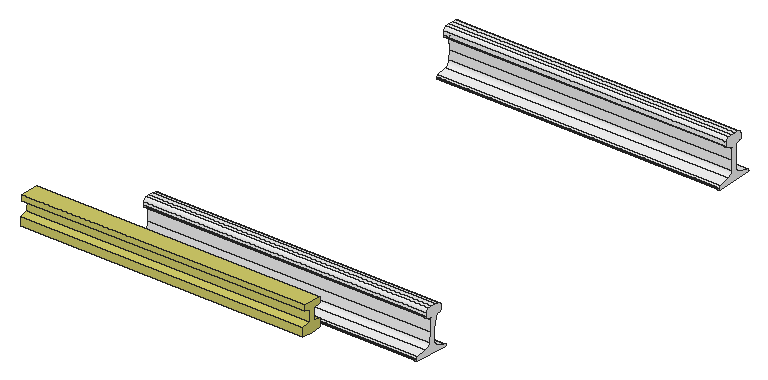
Revit family "P65_ByLine", category Обобщенные модели, Revit 2021
Family settings
  Может служить основой для арматурных стержней = Нет
  Размер круглого соединителя = Использовать диаметр
  Тип детали = Нормальный
  При загрузке вырезать с полостями = Нет
  Общий = Нет
  Точка принадлежности помещению = Нет
Parameters (values of type "RightR")
  built-in parameter 1001306 [instance] = 1200 mm
  Default Elevation = 0 mm
  Right = yes
  Left = no
Types (2, lengths in mm): name | Right | Left
  LeftR | no | yes
  RightR | yes | no
Reference planes
  plane 1 "Center (Front/Back)": y = 0
  plane 2: z = 0
  plane 3 "Left": x = 0
  plane 4 "Right": x = 1200
Lines and regions (mm)
  reference lines
    curve 1: line (0, 0, 0) -> (1200, 0, 0)
Dimensions and locks
  "built-in parameter 1001306": plane 3 "Left" to plane 4 "Right"
  aligned and locked: plane 4 "Right" to curve 1
  aligned and locked: plane 1 "Center (Front/Back)" to curve 1
  aligned and locked: plane 3 "Left" to curve 1
  aligned and locked: level to plane 2
Nested families
  nested 1: "L_Rails_ByLine" at (0, 0, 0), visible <- "Left", Length <- "built-in parameter 1001306", type "L"
    with built-in parameter 1001306 1200 mm, Length 1200 mm
  nested 2: "R_Rails_ByLine" at (0, 0, 0), visible <- "Right", Length <- "built-in parameter 1001306", type "R"
    with built-in parameter 1001306 1200 mm, Length 1200 mm
Definition of nested family "L_Rails_ByLine"
  Parameters (values of type "L")
    Default Elevation = 0 mm
    built-in parameter 1001306 [instance] = Length  # 200 mm
    Length [instance] = 200 mm
  Reference planes
    plane 1 "По центру (Вперед/Назад)": y = 0
    plane 2: z = 0
    plane 3 "Слева": x = 0
    plane 4 "Справа": x = 200
  Forms (mm)
    Sweep 1, solid
      path origin (0, -84.609, 0) x (1, 0, 0) y (0, 1, 0)
        loop
          line (0, 0) -> (200, 0)
      profile origin (100, -84.609, 0) x (0, 1, 0) y (0, 0, 1)
        loop
          arc (-895.274, 203.009) -> (-891.834, 209.185) -> (-885.515, 212.353) r 12
          line (-885.515, 212.353) -> (-872.857, 214.469)
          arc (-872.857, 214.469) -> (-869.914, 216.113) -> (-868.683, 219.251) r 5
          line (-868.683, 219.251) -> (-868.209, 235.062)
          arc (-868.209, 235.062) -> (-871.052, 244.369) -> (-879.008, 249.972) r 15
          arc (-879.008, 249.972) -> (-886.132, 251.68) -> (-893.383, 252.729) r 80
          arc (-893.383, 252.729) -> (-903.343, 253.627) -> (-913.32, 254.326) r 500
          arc (-913.32, 254.326) -> (-920.645, 254.445) -> (-927.951, 253.894) r 80
          arc (-927.951, 253.894) -> (-936.697, 249.628) -> (-940.986, 240.893) r 15
          line (-940.986, 240.893) -> (-943.035, 225.208)
          arc (-943.035, 225.208) -> (-942.32, 221.914) -> (-939.676, 219.823) r 5
          line (-939.676, 219.823) -> (-927.517, 215.718)
          arc (-927.517, 215.718) -> (-921.782, 211.584) -> (-919.369, 204.94) r 12
          arc (-919.369, 204.94) -> (-918.963, 181.037) -> (-920.102, 157.158) r 370
          arc (-920.102, 157.158) -> (-922.075, 138.206) -> (-924.949, 119.37) r 400
          arc (-924.949, 119.37) -> (-931.973, 105.966) -> (-945.444, 99.071) r 25
          line (-945.444, 99.071) -> (-988.507, 91.871)
          arc (-988.507, 91.871) -> (-990.794, 90.631) -> (-991.834, 88.245) r 4
          line (-991.834, 88.245) -> (-992.32, 82.186)
          arc (-992.32, 82.186) -> (-991.849, 80.729) -> (-990.486, 80.033) r 2
          line (-990.486, 80.033) -> (-844.952, 68.372)
          arc (-844.952, 68.372) -> (-843.496, 68.843) -> (-842.799, 70.206) r 2
          line (-842.799, 70.206) -> (-842.313, 76.266)
          arc (-842.313, 76.266) -> (-842.961, 78.786) -> (-845.021, 80.375) r 4
          line (-845.021, 80.375) -> (-886.389, 94.339)
          arc (-886.389, 94.339) -> (-898.589, 103.292) -> (-903.39, 117.643) r 25
          arc (-903.39, 117.643) -> (-903.228, 136.696) -> (-902.159, 155.72) r 400
          arc (-902.159, 155.72) -> (-899.481, 179.476) -> (-895.274, 203.009) r 370
    Sweep 2, solid
      path origin (0, 1492.188, 89.105) x (1, 0, 0) y (0, 1, 0)
        loop
          line (0, 0) -> (200, 0)
      profile origin (100, 1492.188, 89.105) x (0, 1, 0) y (0, 0, 1)
        loop
          arc (-880.636, 116.905) -> (-890.636, 116.822) -> (-900.633, 116.539) r 500
          arc (-900.633, 116.539) -> (-907.935, 115.939) -> (-915.151, 114.673) r 80
          arc (-915.151, 114.673) -> (-923.437, 109.57) -> (-926.848, 100.456) r 15
          line (-926.848, 100.456) -> (-927.348, 84.646)
          arc (-927.348, 84.646) -> (-926.313, 81.438) -> (-923.477, 79.616) r 5
          line (-923.477, 79.616) -> (-910.974, 76.724)
          arc (-910.974, 76.724) -> (-904.861, 73.173) -> (-901.808, 66.797) r 12
          arc (-901.808, 66.797) -> (-899.059, 43.049) -> (-897.85, 19.173) r 370
          arc (-897.85, 19.173) -> (-897.954, 0.12) -> (-898.967, -18.907) r 400
          arc (-898.967, -18.907) -> (-904.642, -32.935) -> (-917.371, -41.119) r 25
          line (-917.371, -41.119) -> (-959.52, -52.509)
          arc (-959.52, -52.509) -> (-961.675, -53.968) -> (-962.476, -56.444) r 4
          line (-962.476, -56.444) -> (-962.365, -62.521)
          arc (-962.365, -62.521) -> (-961.753, -63.925) -> (-960.328, -64.485) r 2
          line (-960.328, -64.485) -> (-814.353, -61.811)
          arc (-814.353, -61.811) -> (-812.949, -61.2) -> (-812.39, -59.775) r 2
          line (-812.39, -59.775) -> (-812.501, -53.697)
          arc (-812.501, -53.697) -> (-813.392, -51.252) -> (-815.599, -49.873) r 4
          line (-815.599, -49.873) -> (-858.137, -40.035)
          arc (-858.137, -40.035) -> (-871.157, -32.322) -> (-877.342, -18.511) r 25
          arc (-877.342, -18.511) -> (-879.05, 0.466) -> (-879.853, 19.503) r 400
          arc (-879.853, 19.503) -> (-879.518, 43.407) -> (-877.64, 67.239) r 370
          arc (-877.64, 67.239) -> (-874.823, 73.723) -> (-868.844, 77.495) r 12
          line (-868.844, 77.495) -> (-856.455, 80.843)
          arc (-856.455, 80.843) -> (-853.688, 82.768) -> (-852.771, 86.011) r 5
          line (-852.771, 86.011) -> (-853.85, 101.793)
          arc (-853.85, 101.793) -> (-857.592, 110.776) -> (-866.059, 115.572) r 15
          arc (-866.059, 115.572) -> (-873.317, 116.572) -> (-880.636, 116.905) r 80
    Sweep 3, solid
      path origin (0, 2334.106, 314.974) x (1, 0, 0) y (0, 1, 0)
        loop
          line (0, 0) -> (200, 0)
      profile origin (100, 2334.106, 314.974) x (0, 1, 0) y (0, 0, 1)
        loop
          line (-1110.151, 151.342) -> (-1110.847, 128.875) -> (-1080.66, 120.336) -> (-1082.068, 75.348) -> (-1117.389, 67.734) -> (-1118.399, 35.031)
          arc (-1118.399, 35.031) -> (-1096.003, 32.779) -> (-1073.527, 31.537) r 500
          arc (-1073.527, 31.537) -> (-1050.979, 31.309) -> (-1028.443, 32.098) r 500
          line (-1028.443, 32.098) -> (-1027.44, 64.806) -> (-1062.085, 74.68) -> (-1060.679, 119.72) -> (-1029.914, 126.228) -> (-1029.193, 148.717) -> (-1069.655, 150.039) -> (-1110.151, 151.342)
  Lines and regions (mm)
    reference lines
      curve 1: line (0, 0, 0) -> (200, 0, 0)
  Dimensions and locks
    "built-in parameter 1001306": plane 3 "Слева" to plane 4 "Справа"
    "Length": Sweep 1 sketch curve to Sweep 1 sketch curve
    "Length": Sweep 2 sketch curve to Sweep 2 sketch curve
    "Length": Sweep 3 sketch curve to Sweep 3 sketch curve
    aligned and locked: plane 4 "Справа" to curve 1
    aligned and locked: plane 1 "По центру (Вперед/Назад)" to curve 1
    aligned and locked: plane 3 "Слева" to curve 1
    aligned and locked: level to plane 2
  Automatic sketch dimensions
    profile plane to Sweep 2 sketch curve = 11.85 mm
    profile plane to Sweep 2 sketch curve = 1297.782 mm
    Sweep 2 sketch curve to Sweep 2 sketch curve = 29.995 mm  (x2)
    Sweep 2 sketch curve to profile plane = 56.444 mm
    Sweep 2 sketch curve to Sweep 2 sketch curve = 305.312 mm
    Sweep 2 sketch curve to profile plane = 62.521 mm
    Sweep 2 sketch curve to Sweep 2 sketch curve = 0.111 mm
    Sweep 2 sketch curve to Sweep 2 sketch curve = 2 mm  (x2)
    Sweep 2 sketch curve to profile plane = 64.485 mm
    Sweep 2 sketch curve to Sweep 2 sketch curve = 0.037 mm  (x2)
    Sweep 2 sketch curve to profile plane = 52.509 mm
    Sweep 2 sketch curve to Sweep 2 sketch curve = 2.956 mm
    Sweep 2 sketch curve to Sweep 2 sketch curve = 3.999 mm  (x2)
    profile plane to Sweep 2 sketch curve = 84.646 mm
    Sweep 2 sketch curve to Sweep 2 sketch curve = 32.172 mm
    profile plane to Sweep 2 sketch curve = 100.456 mm
    Sweep 2 sketch curve to Sweep 2 sketch curve = 0.501 mm
    Sweep 2 sketch curve to profile plane = 16.985 mm
    Sweep 2 sketch curve to Sweep 2 sketch curve = 35.627 mm
    profile plane to Sweep 2 sketch curve = 79.616 mm
    Sweep 2 sketch curve to Sweep 2 sketch curve = 3.871 mm
    Sweep 2 sketch curve to Sweep 2 sketch curve = 4.997 mm
    Sweep 2 sketch curve to profile plane = 41.119 mm
    Sweep 2 sketch curve to Sweep 2 sketch curve = 6.522 mm
    Sweep 2 sketch curve to Sweep 2 sketch curve = 9.8 mm
    Sweep 2 sketch curve to Sweep 2 sketch curve = 14.994 mm
    profile plane to Sweep 2 sketch curve = 76.724 mm
    Sweep 2 sketch curve to Sweep 2 sketch curve = 2.704 mm
    Sweep 2 sketch curve to Sweep 2 sketch curve = 15.942 mm
    Sweep 2 sketch curve to Sweep 2 sketch curve = 78.847 mm
    Sweep 2 sketch curve to Sweep 2 sketch curve = 17.132 mm
    profile plane to Sweep 2 sketch curve = 77.495 mm
    Sweep 2 sketch curve to Sweep 2 sketch curve = 42.129 mm
    Sweep 2 sketch curve to Sweep 2 sketch curve = 0.026 mm
    Sweep 2 sketch curve to Sweep 2 sketch curve = 3.13 mm
    Sweep 2 sketch curve to profile plane = 40.035 mm
    Sweep 2 sketch curve to Sweep 2 sketch curve = 40.83 mm
    Sweep 2 sketch curve to Sweep 2 sketch curve = 11.085 mm
    profile plane to Sweep 2 sketch curve = 80.843 mm
    Sweep 2 sketch curve to Sweep 2 sketch curve = 1.304 mm
    profile plane to Sweep 2 sketch curve = 101.793 mm
    Sweep 2 sketch curve to Sweep 2 sketch curve = 14.969 mm
    profile plane to Sweep 2 sketch curve = 86.011 mm
    Sweep 2 sketch curve to Sweep 2 sketch curve = 4.988 mm
    Sweep 2 sketch curve to profile plane = 15.678 mm
    Sweep 2 sketch curve to Sweep 2 sketch curve = 5.634 mm
    Sweep 2 sketch curve to Sweep 2 sketch curve = 41.636 mm
    Sweep 2 sketch curve to profile plane = 49.873 mm
    Sweep 2 sketch curve to Sweep 2 sketch curve = 0.901 mm
    Sweep 2 sketch curve to Sweep 2 sketch curve = 2.111 mm
    Sweep 2 sketch curve to profile plane = 61.811 mm
    Sweep 2 sketch curve to profile plane = 53.697 mm
    Sweep 2 sketch curve to profile plane = 59.775 mm
    profile plane to Sweep 2 sketch curve = 26.278 mm
    Sweep 2 sketch curve to Sweep 2 sketch curve = 302.586 mm
    Sweep 2 sketch curve to Sweep 2 sketch curve = 318.61 mm
    profile plane to Sweep 2 sketch curve = 12.399 mm
    Sweep 2 sketch curve to Sweep 2 sketch curve = 0.549 mm
    profile plane to Sweep 2 sketch curve = 36.591 mm
    Sweep 2 sketch curve to Sweep 2 sketch curve = 0.314 mm
    Sweep 2 sketch curve to Sweep 2 sketch curve = 11.691 mm
    Sweep 2 sketch curve to Sweep 2 sketch curve = 11.585 mm
    Sweep 2 sketch curve to Sweep 2 sketch curve = 0.416 mm
    Sweep 2 sketch curve to Sweep 2 sketch curve = 0.965 mm
    Sweep 2 sketch curve to Sweep 2 sketch curve = 3.298 mm
    Sweep 2 sketch curve to Sweep 2 sketch curve = 0 mm  (x3)
    Sweep 2 sketch curve to Sweep 2 sketch curve = 14.518 mm
    Sweep 2 sketch curve to Sweep 2 sketch curve = 11.817 mm
    Sweep 2 sketch curve to Sweep 2 sketch curve = 0.752 mm
    Sweep 3 sketch curve to Sweep 3 sketch curve = 0 mm  (x2)
    profile plane to Sweep 3 sketch curve = 35.031 mm
    profile plane to Sweep 3 sketch curve = 1118.399 mm
    profile plane to Sweep 3 sketch curve = 67.734 mm
    Sweep 3 sketch curve to Sweep 3 sketch curve = 1.011 mm
    profile plane to Sweep 3 sketch curve = 128.875 mm
    Sweep 3 sketch curve to Sweep 3 sketch curve = 6.542 mm
    profile plane to Sweep 3 sketch curve = 151.342 mm
    Sweep 3 sketch curve to Sweep 3 sketch curve = 0.696 mm
    profile plane to Sweep 3 sketch curve = 75.348 mm
    Sweep 3 sketch curve to Sweep 3 sketch curve = 35.321 mm
    profile plane to Sweep 3 sketch curve = 120.336 mm
    Sweep 3 sketch curve to Sweep 3 sketch curve = 30.187 mm
    profile plane to Sweep 3 sketch curve = 150.039 mm
    Sweep 3 sketch curve to Sweep 3 sketch curve = 11.005 mm
    profile plane to Sweep 3 sketch curve = 74.68 mm
    Sweep 3 sketch curve to Sweep 3 sketch curve = 19.983 mm
    profile plane to Sweep 3 sketch curve = 119.72 mm
    Sweep 3 sketch curve to Sweep 3 sketch curve = 19.98 mm
    Sweep 3 sketch curve to Sweep 3 sketch curve = 12.457 mm
    profile plane to Sweep 3 sketch curve = 126.228 mm
    Sweep 3 sketch curve to Sweep 3 sketch curve = 30.766 mm
    profile plane to Sweep 3 sketch curve = 148.717 mm
    Sweep 3 sketch curve to Sweep 3 sketch curve = 0.72 mm
    profile plane to Sweep 3 sketch curve = 32.098 mm
    Sweep 3 sketch curve to Sweep 3 sketch curve = 33.642 mm
    profile plane to Sweep 3 sketch curve = 64.806 mm
    Sweep 3 sketch curve to Sweep 3 sketch curve = 1.003 mm
    profile plane to Sweep 3 sketch curve = 31.537 mm
    level to Sweep 1 sketch curve = 189.103 mm
    profile plane to Sweep 1 sketch curve = 1318.824 mm
    Sweep 1 sketch curve to Sweep 1 sketch curve = 29.904 mm  (x2)
    level to Sweep 1 sketch curve = 82.186 mm
    Sweep 1 sketch curve to Sweep 1 sketch curve = 296.6 mm
    level to Sweep 1 sketch curve = 88.245 mm
    Sweep 1 sketch curve to Sweep 1 sketch curve = 0.485 mm
    level to Sweep 1 sketch curve = 80.033 mm
    Sweep 1 sketch curve to Sweep 1 sketch curve = 1.834 mm
    Sweep 1 sketch curve to Sweep 1 sketch curve = 0.16 mm  (x2)
    level to Sweep 1 sketch curve = 91.871 mm
    Sweep 1 sketch curve to Sweep 1 sketch curve = 3.328 mm
    Sweep 1 sketch curve to Sweep 1 sketch curve = 3.987 mm  (x2)
    Sweep 1 sketch curve to Sweep 1 sketch curve = 38.94 mm
    level to Sweep 1 sketch curve = 99.071 mm
    Sweep 1 sketch curve to Sweep 1 sketch curve = 4.122 mm
    Sweep 1 sketch curve to Sweep 1 sketch curve = 47.21 mm
    level to Sweep 1 sketch curve = 225.208 mm
    Sweep 1 sketch curve to Sweep 1 sketch curve = 6.531 mm
    Sweep 1 sketch curve to Sweep 1 sketch curve = 2.049 mm
    level to Sweep 1 sketch curve = 219.823 mm
    Sweep 1 sketch curve to Sweep 1 sketch curve = 3.359 mm
    Sweep 1 sketch curve to Sweep 1 sketch curve = 4.958 mm
    Sweep 1 sketch curve to Sweep 1 sketch curve = 8.322 mm
    level to Sweep 1 sketch curve = 215.718 mm
    Sweep 1 sketch curve to Sweep 1 sketch curve = 3.838 mm
    Sweep 1 sketch curve to Sweep 1 sketch curve = 14.881 mm
    Sweep 1 sketch curve to Sweep 1 sketch curve = 13.075 mm
    Sweep 1 sketch curve to Sweep 1 sketch curve = 17.08 mm
    level to Sweep 1 sketch curve = 94.339 mm
    Sweep 1 sketch curve to Sweep 1 sketch curve = 59.055 mm
    level to Sweep 1 sketch curve = 212.353 mm
    Sweep 1 sketch curve to Sweep 1 sketch curve = 42.002 mm
    Sweep 1 sketch curve to Sweep 1 sketch curve = 1.979 mm
    Sweep 1 sketch curve to Sweep 1 sketch curve = 2.314 mm
    Sweep 1 sketch curve to Sweep 1 sketch curve = 7.996 mm
    Sweep 1 sketch curve to Sweep 1 sketch curve = 11.834 mm
    level to Sweep 1 sketch curve = 214.469 mm
    Sweep 1 sketch curve to Sweep 1 sketch curve = 0.824 mm
    level to Sweep 1 sketch curve = 219.251 mm
    Sweep 1 sketch curve to Sweep 1 sketch curve = 4.998 mm
    level to Sweep 1 sketch curve = 235.062 mm
    Sweep 1 sketch curve to Sweep 1 sketch curve = 14.991 mm
    Sweep 1 sketch curve to Sweep 1 sketch curve = 40.088 mm
    level to Sweep 1 sketch curve = 80.375 mm
    Sweep 1 sketch curve to Sweep 1 sketch curve = 1.279 mm
    level to Sweep 1 sketch curve = 68.372 mm
    Sweep 1 sketch curve to Sweep 1 sketch curve = 1.348 mm
    level to Sweep 1 sketch curve = 70.206 mm
    Sweep 1 sketch curve to Sweep 1 sketch curve = 1.994 mm
    level to Sweep 1 sketch curve = 76.266 mm
    level to Sweep 1 sketch curve = 126.17 mm
    Sweep 1 sketch curve to Sweep 1 sketch curve = 308.973 mm
    Sweep 1 sketch curve to level = 244.775 mm
    Sweep 1 sketch curve to Sweep 1 sketch curve = 23.687 mm
    Sweep 1 sketch curve to Sweep 1 sketch curve = 24.658 mm
    Sweep 1 sketch curve to Sweep 1 sketch curve = 2.396 mm  (x2)
    Sweep 1 sketch curve to Sweep 1 sketch curve = 39.241 mm
    Sweep 1 sketch curve to Sweep 1 sketch curve = 1.368 mm
    Sweep 1 sketch curve to Sweep 1 sketch curve = 11.836 mm
    Sweep 1 sketch curve to Sweep 1 sketch curve = 11.37 mm
    Sweep 1 sketch curve to Sweep 1 sketch curve = 0.508 mm
    Sweep 1 sketch curve to Sweep 1 sketch curve = 14.447 mm
    Sweep 1 sketch curve to Sweep 1 sketch curve = 1.885 mm
    Sweep 1 sketch curve to Sweep 1 sketch curve = 1.846 mm
    Sweep 1 sketch curve to Sweep 1 sketch curve = 0 mm  (x4)
    Sweep 1 sketch curve to Sweep 1 sketch curve = 14.631 mm
    Sweep 1 sketch curve to Sweep 1 sketch curve = 10.183 mm
    Sweep 1 sketch curve to plane 3 "Слева" = 0 mm
    plane 1 "По центру (Вперед/Назад)" to Sweep 1 sketch curve = 84.609 mm
    Sweep 2 sketch curve to plane 3 "Слева" = 0 mm
    Sweep 2 sketch curve to plane 1 "По центру (Вперед/Назад)" = 1492.188 mm
    Sweep 3 sketch curve to plane 3 "Слева" = 0 mm
    Sweep 3 sketch curve to plane 1 "По центру (Вперед/Назад)" = 2334.106 mm
Definition of nested family "R_Rails_ByLine"
  Parameters (values of type "R")
    Default Elevation = 0 mm
    built-in parameter 1001306 [instance] = Length  # 200 mm
    Length [instance] = 200 mm
  Reference planes
    plane 1 "По центру (Вперед/Назад)": y = 0
    plane 2: z = 0
    plane 3 "Слева": x = 0
    plane 4 "Справа": x = 200
  Forms (mm)
    Sweep 1, solid
      path origin (0, -84.609, 0) x (1, 0, 0) y (0, 1, 0)
        loop
          line (0, 0) -> (200, 0)
      profile origin (100, -84.609, 0) x (0, 1, 0) y (0, 0, 1)
        loop
          arc (-895.274, 203.009) -> (-891.834, 209.185) -> (-885.515, 212.353) r 12
          line (-885.515, 212.353) -> (-872.857, 214.469)
          arc (-872.857, 214.469) -> (-869.914, 216.113) -> (-868.683, 219.251) r 5
          line (-868.683, 219.251) -> (-868.209, 235.062)
          arc (-868.209, 235.062) -> (-871.052, 244.369) -> (-879.008, 249.972) r 15
          arc (-879.008, 249.972) -> (-886.132, 251.68) -> (-893.383, 252.729) r 80
          arc (-893.383, 252.729) -> (-903.343, 253.627) -> (-913.32, 254.326) r 500
          arc (-913.32, 254.326) -> (-920.645, 254.445) -> (-927.951, 253.894) r 80
          arc (-927.951, 253.894) -> (-936.697, 249.628) -> (-940.986, 240.893) r 15
          line (-940.986, 240.893) -> (-943.035, 225.208)
          arc (-943.035, 225.208) -> (-942.32, 221.914) -> (-939.676, 219.823) r 5
          line (-939.676, 219.823) -> (-927.517, 215.718)
          arc (-927.517, 215.718) -> (-921.782, 211.584) -> (-919.369, 204.94) r 12
          arc (-919.369, 204.94) -> (-918.963, 181.037) -> (-920.102, 157.158) r 370
          arc (-920.102, 157.158) -> (-922.075, 138.206) -> (-924.949, 119.37) r 400
          arc (-924.949, 119.37) -> (-931.973, 105.966) -> (-945.444, 99.071) r 25
          line (-945.444, 99.071) -> (-988.507, 91.871)
          arc (-988.507, 91.871) -> (-990.794, 90.631) -> (-991.834, 88.245) r 4
          line (-991.834, 88.245) -> (-992.32, 82.186)
          arc (-992.32, 82.186) -> (-991.849, 80.729) -> (-990.486, 80.033) r 2
          line (-990.486, 80.033) -> (-844.952, 68.372)
          arc (-844.952, 68.372) -> (-843.496, 68.843) -> (-842.799, 70.206) r 2
          line (-842.799, 70.206) -> (-842.313, 76.266)
          arc (-842.313, 76.266) -> (-842.961, 78.786) -> (-845.021, 80.375) r 4
          line (-845.021, 80.375) -> (-886.389, 94.339)
          arc (-886.389, 94.339) -> (-898.589, 103.292) -> (-903.39, 117.643) r 25
          arc (-903.39, 117.643) -> (-903.228, 136.696) -> (-902.159, 155.72) r 400
          arc (-902.159, 155.72) -> (-899.481, 179.476) -> (-895.274, 203.009) r 370
    Sweep 2, solid
      path origin (0, 1492.188, 89.105) x (1, 0, 0) y (0, 1, 0)
        loop
          line (0, 0) -> (200, 0)
      profile origin (100, 1492.188, 89.105) x (0, 1, 0) y (0, 0, 1)
        loop
          arc (-880.636, 116.905) -> (-890.636, 116.822) -> (-900.633, 116.539) r 500
          arc (-900.633, 116.539) -> (-907.935, 115.939) -> (-915.151, 114.673) r 80
          arc (-915.151, 114.673) -> (-923.437, 109.57) -> (-926.848, 100.456) r 15
          line (-926.848, 100.456) -> (-927.348, 84.646)
          arc (-927.348, 84.646) -> (-926.313, 81.438) -> (-923.477, 79.616) r 5
          line (-923.477, 79.616) -> (-910.974, 76.724)
          arc (-910.974, 76.724) -> (-904.861, 73.173) -> (-901.808, 66.797) r 12
          arc (-901.808, 66.797) -> (-899.059, 43.049) -> (-897.85, 19.173) r 370
          arc (-897.85, 19.173) -> (-897.954, 0.12) -> (-898.967, -18.907) r 400
          arc (-898.967, -18.907) -> (-904.642, -32.935) -> (-917.371, -41.119) r 25
          line (-917.371, -41.119) -> (-959.52, -52.509)
          arc (-959.52, -52.509) -> (-961.675, -53.968) -> (-962.476, -56.444) r 4
          line (-962.476, -56.444) -> (-962.365, -62.521)
          arc (-962.365, -62.521) -> (-961.753, -63.925) -> (-960.328, -64.485) r 2
          line (-960.328, -64.485) -> (-814.353, -61.811)
          arc (-814.353, -61.811) -> (-812.949, -61.2) -> (-812.39, -59.775) r 2
          line (-812.39, -59.775) -> (-812.501, -53.697)
          arc (-812.501, -53.697) -> (-813.392, -51.252) -> (-815.599, -49.873) r 4
          line (-815.599, -49.873) -> (-858.137, -40.035)
          arc (-858.137, -40.035) -> (-871.157, -32.322) -> (-877.342, -18.511) r 25
          arc (-877.342, -18.511) -> (-879.05, 0.466) -> (-879.853, 19.503) r 400
          arc (-879.853, 19.503) -> (-879.518, 43.407) -> (-877.64, 67.239) r 370
          arc (-877.64, 67.239) -> (-874.823, 73.723) -> (-868.844, 77.495) r 12
          line (-868.844, 77.495) -> (-856.455, 80.843)
          arc (-856.455, 80.843) -> (-853.688, 82.768) -> (-852.771, 86.011) r 5
          line (-852.771, 86.011) -> (-853.85, 101.793)
          arc (-853.85, 101.793) -> (-857.592, 110.776) -> (-866.059, 115.572) r 15
          arc (-866.059, 115.572) -> (-873.317, 116.572) -> (-880.636, 116.905) r 80
    Sweep 3, solid
      path origin (0, -2710.539, 466.313) x (1, 0, 0) y (0, 0.998202, -0.059946)
        loop
          line (0, 0) -> (200, 0)
      profile origin (100, -2710.539, 466.313) x (0, 0.998202, -0.059946) y (0, 0.059946, 0.998202)
        loop
          line (1109.983, 151.349) -> (1069.487, 150.046) -> (1029.025, 148.724) -> (1029.745, 126.235) -> (1060.511, 119.727) -> (1061.917, 74.687) -> (1027.272, 64.813) -> (1028.275, 32.105)
          arc (1028.275, 32.105) -> (1050.811, 31.316) -> (1073.359, 31.544) r 500
          arc (1073.359, 31.544) -> (1095.834, 32.785) -> (1118.231, 35.037) r 500
          line (1118.231, 35.037) -> (1117.22, 67.741) -> (1081.9, 75.355) -> (1080.491, 120.343) -> (1110.678, 128.882) -> (1109.983, 151.349)
  Lines and regions (mm)
    reference lines
      curve 1: line (0, 0, 0) -> (200, 0, 0)
  Dimensions and locks
    "built-in parameter 1001306": plane 3 "Слева" to plane 4 "Справа"
    "Length": Sweep 1 sketch curve to Sweep 1 sketch curve
    "Length": Sweep 2 sketch curve to Sweep 2 sketch curve
    "Length": Sweep 3 sketch curve to Sweep 3 sketch curve
    aligned and locked: plane 4 "Справа" to curve 1
    aligned and locked: plane 1 "По центру (Вперед/Назад)" to curve 1
    aligned and locked: plane 3 "Слева" to curve 1
    aligned and locked: level to plane 2
  Automatic sketch dimensions
    level to Sweep 1 sketch curve = 189.103 mm
    profile plane to Sweep 1 sketch curve = 1318.824 mm
    Sweep 1 sketch curve to Sweep 1 sketch curve = 29.904 mm  (x2)
    level to Sweep 1 sketch curve = 82.186 mm
    Sweep 1 sketch curve to Sweep 1 sketch curve = 296.6 mm
    level to Sweep 1 sketch curve = 88.245 mm
    Sweep 1 sketch curve to Sweep 1 sketch curve = 0.485 mm
    level to Sweep 1 sketch curve = 80.033 mm
    Sweep 1 sketch curve to Sweep 1 sketch curve = 1.834 mm
    Sweep 1 sketch curve to Sweep 1 sketch curve = 0.16 mm  (x2)
    level to Sweep 1 sketch curve = 91.871 mm
    Sweep 1 sketch curve to Sweep 1 sketch curve = 3.328 mm
    Sweep 1 sketch curve to Sweep 1 sketch curve = 3.987 mm  (x2)
    Sweep 1 sketch curve to Sweep 1 sketch curve = 38.94 mm
    level to Sweep 1 sketch curve = 99.071 mm
    Sweep 1 sketch curve to Sweep 1 sketch curve = 4.122 mm
    Sweep 1 sketch curve to Sweep 1 sketch curve = 47.21 mm
    level to Sweep 1 sketch curve = 225.208 mm
    Sweep 1 sketch curve to Sweep 1 sketch curve = 6.531 mm
    Sweep 1 sketch curve to Sweep 1 sketch curve = 2.049 mm
    level to Sweep 1 sketch curve = 219.823 mm
    Sweep 1 sketch curve to Sweep 1 sketch curve = 3.359 mm
    Sweep 1 sketch curve to Sweep 1 sketch curve = 4.958 mm
    Sweep 1 sketch curve to Sweep 1 sketch curve = 8.322 mm
    level to Sweep 1 sketch curve = 215.718 mm
    Sweep 1 sketch curve to Sweep 1 sketch curve = 3.838 mm
    Sweep 1 sketch curve to Sweep 1 sketch curve = 14.881 mm
    Sweep 1 sketch curve to Sweep 1 sketch curve = 13.075 mm
    Sweep 1 sketch curve to Sweep 1 sketch curve = 17.08 mm
    level to Sweep 1 sketch curve = 94.339 mm
    Sweep 1 sketch curve to Sweep 1 sketch curve = 59.055 mm
    level to Sweep 1 sketch curve = 212.353 mm
    Sweep 1 sketch curve to Sweep 1 sketch curve = 42.002 mm
    Sweep 1 sketch curve to Sweep 1 sketch curve = 1.979 mm
    Sweep 1 sketch curve to Sweep 1 sketch curve = 2.314 mm
    Sweep 1 sketch curve to Sweep 1 sketch curve = 7.996 mm
    Sweep 1 sketch curve to Sweep 1 sketch curve = 11.834 mm
    level to Sweep 1 sketch curve = 214.469 mm
    Sweep 1 sketch curve to Sweep 1 sketch curve = 0.824 mm
    level to Sweep 1 sketch curve = 219.251 mm
    Sweep 1 sketch curve to Sweep 1 sketch curve = 4.998 mm
    level to Sweep 1 sketch curve = 235.062 mm
    Sweep 1 sketch curve to Sweep 1 sketch curve = 14.991 mm
    Sweep 1 sketch curve to Sweep 1 sketch curve = 40.088 mm
    level to Sweep 1 sketch curve = 80.375 mm
    Sweep 1 sketch curve to Sweep 1 sketch curve = 1.279 mm
    level to Sweep 1 sketch curve = 68.372 mm
    Sweep 1 sketch curve to Sweep 1 sketch curve = 1.348 mm
    level to Sweep 1 sketch curve = 70.206 mm
    Sweep 1 sketch curve to Sweep 1 sketch curve = 1.994 mm
    level to Sweep 1 sketch curve = 76.266 mm
    level to Sweep 1 sketch curve = 126.17 mm
    Sweep 1 sketch curve to Sweep 1 sketch curve = 308.973 mm
    Sweep 1 sketch curve to level = 244.775 mm
    Sweep 1 sketch curve to Sweep 1 sketch curve = 23.687 mm
    Sweep 1 sketch curve to Sweep 1 sketch curve = 24.658 mm
    Sweep 1 sketch curve to Sweep 1 sketch curve = 2.396 mm  (x2)
    Sweep 1 sketch curve to Sweep 1 sketch curve = 39.241 mm
    Sweep 1 sketch curve to Sweep 1 sketch curve = 1.368 mm
    Sweep 1 sketch curve to Sweep 1 sketch curve = 11.836 mm
    Sweep 1 sketch curve to Sweep 1 sketch curve = 11.37 mm
    Sweep 1 sketch curve to Sweep 1 sketch curve = 0.508 mm
    Sweep 1 sketch curve to Sweep 1 sketch curve = 14.447 mm
    Sweep 1 sketch curve to Sweep 1 sketch curve = 1.885 mm
    Sweep 1 sketch curve to Sweep 1 sketch curve = 1.846 mm
    Sweep 1 sketch curve to Sweep 1 sketch curve = 0 mm  (x4)
    Sweep 1 sketch curve to Sweep 1 sketch curve = 14.631 mm
    Sweep 1 sketch curve to Sweep 1 sketch curve = 10.183 mm
    profile plane to Sweep 2 sketch curve = 11.85 mm
    profile plane to Sweep 2 sketch curve = 1297.782 mm
    Sweep 2 sketch curve to Sweep 2 sketch curve = 29.995 mm  (x2)
    Sweep 2 sketch curve to profile plane = 56.444 mm
    Sweep 2 sketch curve to Sweep 2 sketch curve = 305.312 mm
    Sweep 2 sketch curve to profile plane = 62.521 mm
    Sweep 2 sketch curve to Sweep 2 sketch curve = 0.111 mm
    Sweep 2 sketch curve to Sweep 2 sketch curve = 2 mm  (x2)
    Sweep 2 sketch curve to profile plane = 64.485 mm
    Sweep 2 sketch curve to Sweep 2 sketch curve = 0.037 mm  (x2)
    Sweep 2 sketch curve to profile plane = 52.509 mm
    Sweep 2 sketch curve to Sweep 2 sketch curve = 2.956 mm
    Sweep 2 sketch curve to Sweep 2 sketch curve = 3.999 mm  (x2)
    profile plane to Sweep 2 sketch curve = 84.646 mm
    Sweep 2 sketch curve to Sweep 2 sketch curve = 32.172 mm
    profile plane to Sweep 2 sketch curve = 100.456 mm
    Sweep 2 sketch curve to Sweep 2 sketch curve = 0.501 mm
    Sweep 2 sketch curve to profile plane = 16.985 mm
    Sweep 2 sketch curve to Sweep 2 sketch curve = 35.627 mm
    profile plane to Sweep 2 sketch curve = 79.616 mm
    Sweep 2 sketch curve to Sweep 2 sketch curve = 3.871 mm
    Sweep 2 sketch curve to Sweep 2 sketch curve = 4.997 mm
    Sweep 2 sketch curve to profile plane = 41.119 mm
    Sweep 2 sketch curve to Sweep 2 sketch curve = 6.522 mm
    Sweep 2 sketch curve to Sweep 2 sketch curve = 9.8 mm
    Sweep 2 sketch curve to Sweep 2 sketch curve = 14.994 mm
    profile plane to Sweep 2 sketch curve = 76.724 mm
    Sweep 2 sketch curve to Sweep 2 sketch curve = 2.704 mm
    Sweep 2 sketch curve to Sweep 2 sketch curve = 15.942 mm
    Sweep 2 sketch curve to Sweep 2 sketch curve = 78.847 mm
    Sweep 2 sketch curve to Sweep 2 sketch curve = 17.132 mm
    profile plane to Sweep 2 sketch curve = 77.495 mm
    Sweep 2 sketch curve to Sweep 2 sketch curve = 42.129 mm
    Sweep 2 sketch curve to Sweep 2 sketch curve = 0.026 mm
    Sweep 2 sketch curve to Sweep 2 sketch curve = 3.13 mm
    Sweep 2 sketch curve to profile plane = 40.035 mm
    Sweep 2 sketch curve to Sweep 2 sketch curve = 40.83 mm
    Sweep 2 sketch curve to Sweep 2 sketch curve = 11.085 mm
    profile plane to Sweep 2 sketch curve = 80.843 mm
    Sweep 2 sketch curve to Sweep 2 sketch curve = 1.304 mm
    profile plane to Sweep 2 sketch curve = 101.793 mm
    Sweep 2 sketch curve to Sweep 2 sketch curve = 14.969 mm
    profile plane to Sweep 2 sketch curve = 86.011 mm
    Sweep 2 sketch curve to Sweep 2 sketch curve = 4.988 mm
    Sweep 2 sketch curve to Sweep 2 sketch curve = 5.634 mm
    Sweep 2 sketch curve to Sweep 2 sketch curve = 41.636 mm
    Sweep 2 sketch curve to profile plane = 49.873 mm
    Sweep 2 sketch curve to Sweep 2 sketch curve = 0.901 mm
    Sweep 2 sketch curve to Sweep 2 sketch curve = 2.111 mm
    Sweep 2 sketch curve to profile plane = 61.811 mm
    Sweep 2 sketch curve to profile plane = 53.697 mm
    Sweep 2 sketch curve to profile plane = 59.775 mm
    profile plane to Sweep 2 sketch curve = 26.278 mm
    Sweep 2 sketch curve to Sweep 2 sketch curve = 302.586 mm
    Sweep 2 sketch curve to Sweep 2 sketch curve = 318.61 mm
    Sweep 2 sketch curve to profile plane = 15.678 mm
    profile plane to Sweep 2 sketch curve = 12.399 mm
    profile plane to Sweep 2 sketch curve = 26.827 mm
    profile plane to Sweep 2 sketch curve = 36.591 mm
    Sweep 2 sketch curve to Sweep 2 sketch curve = 0.314 mm
    Sweep 2 sketch curve to Sweep 2 sketch curve = 11.691 mm
    Sweep 2 sketch curve to Sweep 2 sketch curve = 11.585 mm
    Sweep 2 sketch curve to Sweep 2 sketch curve = 0.416 mm
    Sweep 2 sketch curve to Sweep 2 sketch curve = 0.965 mm
    Sweep 2 sketch curve to Sweep 2 sketch curve = 3.298 mm
    Sweep 2 sketch curve to Sweep 2 sketch curve = 0 mm  (x3)
    Sweep 2 sketch curve to Sweep 2 sketch curve = 14.518 mm
    Sweep 2 sketch curve to Sweep 2 sketch curve = 11.817 mm
    Sweep 2 sketch curve to Sweep 2 sketch curve = 0.752 mm
    Sweep 3 sketch curve to Sweep 3 sketch curve = 0 mm  (x2)
    profile plane to Sweep 3 sketch curve = 64.813 mm
    Sweep 3 sketch curve to profile plane = 1027.272 mm
    profile plane to Sweep 3 sketch curve = 32.105 mm
    Sweep 3 sketch curve to Sweep 3 sketch curve = 1.003 mm
    profile plane to Sweep 3 sketch curve = 148.724 mm
    Sweep 3 sketch curve to Sweep 3 sketch curve = 1.753 mm
    profile plane to Sweep 3 sketch curve = 126.235 mm
    Sweep 3 sketch curve to Sweep 3 sketch curve = 0.72 mm
    Sweep 3 sketch curve to Sweep 3 sketch curve = 28.005 mm
    profile plane to Sweep 3 sketch curve = 119.727 mm
    Sweep 3 sketch curve to Sweep 3 sketch curve = 30.766 mm
    profile plane to Sweep 3 sketch curve = 74.687 mm
    Sweep 3 sketch curve to Sweep 3 sketch curve = 34.645 mm
    profile plane to Sweep 3 sketch curve = 150.046 mm
    Sweep 3 sketch curve to Sweep 3 sketch curve = 8.976 mm
    profile plane to Sweep 3 sketch curve = 120.343 mm
    Sweep 3 sketch curve to Sweep 3 sketch curve = 19.98 mm
    profile plane to Sweep 3 sketch curve = 75.355 mm
    Sweep 3 sketch curve to Sweep 3 sketch curve = 19.983 mm
    profile plane to Sweep 3 sketch curve = 151.349 mm
    Sweep 3 sketch curve to Sweep 3 sketch curve = 40.496 mm
    profile plane to Sweep 3 sketch curve = 128.882 mm
    Sweep 3 sketch curve to Sweep 3 sketch curve = 0.696 mm
    profile plane to Sweep 3 sketch curve = 67.741 mm
    Sweep 3 sketch curve to Sweep 3 sketch curve = 35.321 mm
    profile plane to Sweep 3 sketch curve = 35.037 mm
    Sweep 3 sketch curve to Sweep 3 sketch curve = 1.011 mm
    profile plane to Sweep 3 sketch curve = 31.544 mm
    Sweep 1 sketch curve to plane 3 "Слева" = 0 mm
    plane 1 "По центру (Вперед/Назад)" to Sweep 1 sketch curve = 84.609 mm
    Sweep 2 sketch curve to plane 3 "Слева" = 0 mm
    Sweep 2 sketch curve to plane 1 "По центру (Вперед/Назад)" = 1492.188 mm
    Sweep 3 sketch curve to plane 3 "Слева" = 0 mm
